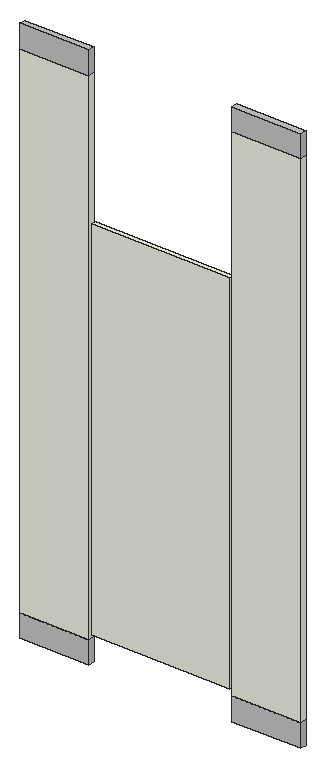
Revit family "Toilet_Partition-Bobrick-B2096-Floor_To_Ceiling_Anchored", category Specialty Equipment, host Floor, Revit 2012
Parameters (values of type "B-2096")
  URL = "http://www.bobrick.com"
  Partition Material = Laminated Plastic - Bobrick - Designer White
  Panel Value = if(DoorPanel Width < 1", 1", if(DoorPanel Width > 84", 84", DoorPanel Width))  # 24"
  Model = "B2096 SierraSeries Floor-to-Ceiling-Anchored"
  Manufacturer = "Bobrick Washroom Equipment, Inc."
  Inswing Value = if(DoorPanel Width < 22", 22", if(DoorPanel Width > 37", 37", DoorPanel Width))  # 24"
  DoorPanel Width = 24"
  Right Stile Width = 12"
  Right Stile Visible = yes
  Right Stile Value = if(Right Stile Width < 3", 3", if(Right Stile Width > 24", 24", Right Stile Width))  # 12"
  Panel = not(Door Panel)  # no
  Outswing Value = if(DoorPanel Width < 25", 25", if(DoorPanel Width > 37", 37", DoorPanel Width))  # 25"
  Outswing = and(not(Inswing Visibility), Door Panel)  # no
  Left Stile Width = 12"
  Left Stile Visible = yes
  Left Stile Value = if(Left Stile Width < 3", 3", if(Left Stile Width > 24", 24", Left Stile Width))  # 12"
  Inswing Visibility = and(Inswing, Door Panel)  # yes
  Inswing = yes
  Width Value = if(Inswing Visibility, Inswing Value, if(Outswing, Outswing Value, if(Panel, Panel Value, 36")))  # 24"
  Door Panel = yes
  Description = "Maximum Height Water and Fire-Resistant Solid Color Reinforced Composite Partitions and Screens"
  Ceiling Height [instance] = 96"
  Assembly Code = "C1030200"
  ADA Compliant = yes
Reference planes (in)
  plane 1 "Center (Front/Back)": y = 0
  plane 2: z = 0
  plane 3 "Center (Left/Right)": x = 0
  plane 4: x = -24.5
  plane 5: x = 24.5
  plane 6: y = 0.5
  plane 7: y = -0.5
  plane 8: x = -12.5
  plane 9: x = 12.5
  plane 10: x = -12
  plane 11: x = 12
  plane 12: z = 4
  plane 13: z = 4.9375
  plane 14: z = 69
  plane 15: z = 36.96875
  plane 16: y = 24.5
  plane 17: x = 11
  plane 18: z = 96
  plane 19: z = 92
Forms (in)
  Extrusion 1, solid, material "Laminated Plastic - Bobrick - Designer White" <- "Partition Material", visible <- "Left Stile Visible"
    sketch origin (0, 0, 0) x (1, 0, 0) y (0, 1, 0)
      loop
        line (-24.5, 0.5) -> (-24.5, -0.5) -> (-12.5, -0.5) -> (-12.5, 0.5) -> (-24.5, 0.5)
    from 4 to 92
  Extrusion 2, solid, material "Stainless Steel - Bobrick - Satin", visible <- "Left Stile Visible"
    sketch origin (0, 0, 0) x (1, 0, 0) y (0, 1, 0)
      loop
        line (-24.5, 0.5) -> (-24.5, -0.5) -> (-12.5, -0.5) -> (-12.5, 0.5) -> (-24.5, 0.5)
    from 0 to 4
  Extrusion 3, solid, material "Laminated Plastic - Bobrick - Designer White" <- "Partition Material"
    sketch origin (0, 0, 0) x (1, 0, 0) y (0, 1, 0)
      loop
        line (-12, 0.5) -> (-12, -0.5) -> (12, -0.5) -> (12, 0.5) -> (-12, 0.5)
    from 4.9375 to 69
  Extrusion 4, solid, material "Laminated Plastic - Bobrick - Designer White" <- "Partition Material", visible <- "Right Stile Visible"
    sketch origin (0, 0, 0) x (-1, 0, 0) y (0, -1, 0)
      loop
        line (-24.5, -0.5) -> (-12.5, -0.5) -> (-12.5, 0.5) -> (-24.5, 0.5) -> (-24.5, -0.5)
    from 4 to 92
  Extrusion 5, solid, material "Stainless Steel - Bobrick - Satin", visible <- "Right Stile Visible"
    sketch origin (0, 0, 0) x (-1, 0, 0) y (0, -1, 0)
      loop
        line (-24.5, -0.5) -> (-12.5, -0.5) -> (-12.5, 0.5) -> (-24.5, 0.5) -> (-24.5, -0.5)
    from 0 to 4
  Extrusion 6, solid, material "Stainless Steel - Bobrick - Satin", visible <- "Left Stile Visible"
    sketch origin (0, 0, 104) x (1, 0, 0) y (0, 1, 0)
      loop
        line (-24.5, 0.5) -> (-24.5, -0.5) -> (-12.5, -0.5) -> (-12.5, 0.5) -> (-24.5, 0.5)
    from -12 to -8
  Extrusion 7, solid, material "Stainless Steel - Bobrick - Satin", visible <- "Right Stile Visible"
    sketch origin (0, 0, 92) x (-1, 0, 0) y (0, -1, 0)
      loop
        line (-24.5, -0.5) -> (-12.5, -0.5) -> (-12.5, 0.5) -> (-24.5, 0.5) -> (-24.5, -0.5)
    from 0 to 4
Lines and regions (in)
  Masking region 1, visible <- "Left Stile Visible"
    outline origin (0, 0, 0) x (1, 0, 0) y (0, 0, 1)
      loop
        line (-24.5, 96) -> (-24.5, 0) -> (-12.5, 0) -> (-12.5, 96) -> (-24.5, 96)
  Masking region 2
    outline origin (0, 0, 0) x (1, 0, 0) y (0, 0, 1)
      loop
        line (-12, 69) -> (-12, 4.9375) -> (12, 4.9375) -> (12, 69) -> (-12, 69)
  Masking region 3, visible <- "Right Stile Visible"
    outline origin (0, 0, 0) x (1, 0, 0) y (0, 0, 1)
      loop
        line (12.5, 96) -> (12.5, 0) -> (24.5, 0) -> (24.5, 96) -> (12.5, 96)
  Masking region 4, visible <- "Door Panel"
    outline origin (0, 0, 0) x (1, 0, 0) y (0, 1, 0)
      loop
        line (11, 24.5) -> (11, 0.5) -> (12, 0.5) -> (12, 24.5) -> (11, 24.5)
  Masking region 5, visible <- "Left Stile Visible"
    outline origin (0, 0, 0) x (1, 0, 0) y (0, 1, 0)
      loop
        line (-24.5, 0.5) -> (-24.5, -0.5) -> (-12.5, -0.5) -> (-12.5, 0.5) -> (-24.5, 0.5)
  Masking region 6, visible <- "Right Stile Visible"
    outline origin (0, 0, 0) x (1, 0, 0) y (0, 1, 0)
      loop
        line (12.5, 0.5) -> (12.5, -0.5) -> (24.5, -0.5) -> (24.5, 0.5) -> (12.5, 0.5)
  Masking region 7, visible <- "Panel"
    outline origin (0, 0, 0) x (1, 0, 0) y (0, 1, 0)
      loop
        line (-12, -0.5) -> (12, -0.5) -> (12, 0.5) -> (-12, 0.5) -> (-12, -0.5)
  Masking region 8
    outline origin (0, 0, 0) x (0, 1, 0) y (0, 0, 1)
      loop
        line (0.5, 69) -> (-0.5, 69) -> (-0.5, 0) -> (0.5, 0) -> (0.5, 69)
  symbolic lines, visible <- "Left Stile Visible"
    curve 1: line (-24.5, 0, 4) -> (-12.5, 0, 4)
    curve 7: line (-24.5, 0, 92) -> (-12.5, 0, 92)
  symbolic lines, visible <- "Right Stile Visible"
    curve 2: line (12.5, 0, 4) -> (24.5, 0, 4)
    curve 8: line (12.5, 0, 92) -> (24.5, 0, 92)
  symbolic lines, style "Partition Elevation Swing", visible <- "Door Panel"
    curve 3: line (-12, 0, 69) -> (12, 0, 36.86666)
    curve 4: line (12, 0, 36.86666) -> (-12, 0, 4.9375)
    curve 5: arc (-12, 0.5, 0) -> (-4.97056, 17.47056, 0) -> (12, 24.5, 0) r 24
  symbolic lines, style "Partition"
    curve 6: line (0, 0.5, 4) -> (0, -0.5, 4)
Dimensions and locks (in)
  equal spacing: host sketch curve, plane 1 "Center (Front/Back)", host sketch curve
  equal spacing: host sketch curve, plane 3 "Center (Left/Right)", host sketch curve
  host sketch curve to host sketch curve = 120"  (x2)
  locked: plane 8 to plane 10 at 0.5
  locked: plane 11 to plane 9 at 0.5
  "Width Value": plane 10 to plane 11
  equal spacing: plane 10, plane 3 "Center (Left/Right)", plane 11
  "Left Stile Value": plane 4 to plane 8
  "Right Stile Value": plane 9 to plane 5
  locked: plane 12 to level at 4
  locked: plane 13 to level at 4.9375
  locked: plane 14 to level at 69
  locked: plane 6 to plane 7 at 1
  equal spacing: plane 6, plane 1 "Center (Front/Back)", plane 7
  equal spacing: plane 14, plane 15, plane 13
  "Width Value": plane 16 to plane 6
  locked: plane 17 to plane 11 at 1
  "Ceiling Height": plane 18 to level
  locked: plane 18 to plane 19 at 4
  aligned and locked: level to plane 2
  aligned and locked: Extrusion 1 sketch curve to plane 6
  aligned and locked: plane 4 to Extrusion 1 sketch curve
  aligned and locked: plane 7 to Extrusion 1 sketch curve
  aligned and locked: Extrusion 1 sketch curve to plane 8
  aligned: Extrusion 1 to level
  aligned and locked: Extrusion 1 to plane 12
  aligned and locked: plane 4 to Extrusion 2 sketch curve
  aligned and locked: Extrusion 2 sketch curve to plane 6
  aligned and locked: Extrusion 2 sketch curve to plane 8
  aligned and locked: plane 7 to Extrusion 2 sketch curve
  aligned and locked: plane 12 to Extrusion 2
  aligned and locked: Extrusion 2 to level
  aligned and locked: plane 10 to Extrusion 3 sketch curve
  aligned and locked: Extrusion 3 sketch curve to plane 6
  aligned and locked: plane 7 to Extrusion 3 sketch curve
  aligned and locked: Extrusion 3 sketch curve to plane 11
  aligned and locked: plane 14 to Extrusion 3
  aligned and locked: Extrusion 3 to plane 13
  aligned and locked: Extrusion 5 sketch curve to plane 9
  aligned and locked: plane 6 to Extrusion 5 sketch curve
  aligned and locked: plane 5 to Extrusion 5 sketch curve
  aligned and locked: Extrusion 5 sketch curve to plane 7
  aligned and locked: Extrusion 4 sketch curve to plane 9
  aligned and locked: plane 6 to Extrusion 4 sketch curve
  aligned and locked: Extrusion 4 sketch curve to plane 7
  aligned and locked: plane 5 to Extrusion 4 sketch curve
  aligned and locked: Masking region 1 sketch curve to plane 4
  aligned and locked: Masking region 1 sketch curve to level
  aligned and locked: Masking region 1 sketch curve to plane 8
  aligned and locked: Masking region 2 sketch curve to plane 14
  aligned and locked: Masking region 2 sketch curve to plane 10
  aligned and locked: Masking region 2 sketch curve to plane 11
  aligned and locked: Masking region 2 sketch curve to plane 13
  aligned and locked: Masking region 3 sketch curve to plane 9
  aligned and locked: Masking region 3 sketch curve to plane 5
  aligned and locked: Masking region 3 sketch curve to level
  aligned and locked: curve 1 to plane 12
  aligned and locked: plane 4 to curve 1
  aligned and locked: plane 8 to curve 1
  aligned and locked: curve 2 to plane 12
  aligned and locked: plane 5 to curve 2
  aligned and locked: plane 9 to curve 2
  aligned and locked: plane 14 to curve 3
  aligned and locked: plane 10 to curve 3
  aligned and locked: plane 11 to curve 4
  aligned and locked: plane 10 to curve 4
  aligned and locked: plane 13 to curve 4
  aligned and locked: Masking region 4 sketch curve to plane 16
  aligned and locked: plane 17 to Masking region 4 sketch curve
  aligned and locked: plane 6 to Masking region 4 sketch curve
  aligned and locked: Masking region 4 sketch curve to plane 11
  aligned and locked: Masking region 5 sketch curve to plane 6
  aligned and locked: plane 4 to Masking region 5 sketch curve
  aligned and locked: plane 7 to Masking region 5 sketch curve
  aligned and locked: Masking region 5 sketch curve to plane 8
  aligned and locked: Masking region 6 sketch curve to plane 6
  aligned and locked: plane 9 to Masking region 6 sketch curve
  aligned and locked: plane 7 to Masking region 6 sketch curve
  aligned and locked: Masking region 6 sketch curve to plane 5
  aligned and locked: Masking region 4 to curve 5
  aligned and locked: plane 10 to curve 5
  aligned and locked: plane 6 to curve 5  (x2)
  aligned and locked: plane 11 to curve 5
  aligned and locked: Masking region 7 sketch curve to plane 7
  aligned and locked: Masking region 7 sketch curve to plane 10
  aligned and locked: plane 6 to Masking region 7 sketch curve
  aligned and locked: plane 11 to Masking region 7 sketch curve
  aligned and locked: level to Masking region 8 sketch curve
  aligned and locked: Masking region 8 sketch curve to plane 14
  aligned and locked: Masking region 8 sketch curve to plane 6
  aligned and locked: plane 7 to Masking region 8 sketch curve
  aligned and locked: plane 12 to curve 6
  aligned and locked: plane 7 to curve 6
  aligned and locked: plane 6 to curve 6
  aligned and locked: Extrusion 5 to level
  aligned and locked: plane 19 to Extrusion 1
  aligned and locked: plane 19 to Extrusion 4
  aligned and locked: Extrusion 1 to plane 19
  aligned and locked: plane 18 to Extrusion 6
  aligned and locked: Extrusion 6 to plane 19
  aligned and locked: Extrusion 6 to plane 4
  aligned and locked: plane 8 to Extrusion 6
  aligned and locked: Extrusion 6 to plane 7
  aligned and locked: plane 6 to Extrusion 6
  aligned and locked: plane 18 to Masking region 1
  aligned and locked: curve 7 to plane 19
  aligned and locked: plane 18 to Extrusion 7
  aligned and locked: plane 5 to Extrusion 7
  aligned and locked: Extrusion 7 to plane 9
  aligned and locked: Extrusion 7 to plane 19
  aligned and locked: Extrusion 7 to plane 7
  aligned and locked: plane 6 to Extrusion 7
  aligned and locked: plane 18 to Masking region 3
  aligned and locked: curve 8 to plane 19
  aligned and locked: Extrusion 4 to plane 12
  aligned and locked: plane 12 to Extrusion 5
  aligned and locked: Extrusion 7 sketch curve to plane 9
  aligned and locked: Extrusion 7 sketch curve to plane 7
  aligned and locked: plane 5 to Extrusion 7 sketch curve
  aligned and locked: plane 6 to Extrusion 7 sketch curve
  aligned and locked: plane 4 to Extrusion 6 sketch curve
  aligned and locked: plane 7 to Extrusion 6 sketch curve
  aligned and locked: Extrusion 6 sketch curve to plane 6
  aligned and locked: Extrusion 6 sketch curve to plane 8
Automatic sketch dimensions
  curve 7 to plane 4 = 0"
  curve 7 to plane 8 = 0"
  curve 8 to plane 9 = 0"
  curve 8 to plane 5 = 0"
  curve 3 to plane 15 = 0.10209"
  Masking region 1 sketch curve to plane 18 = 0"
  Masking region 3 sketch curve to plane 18 = 0"
